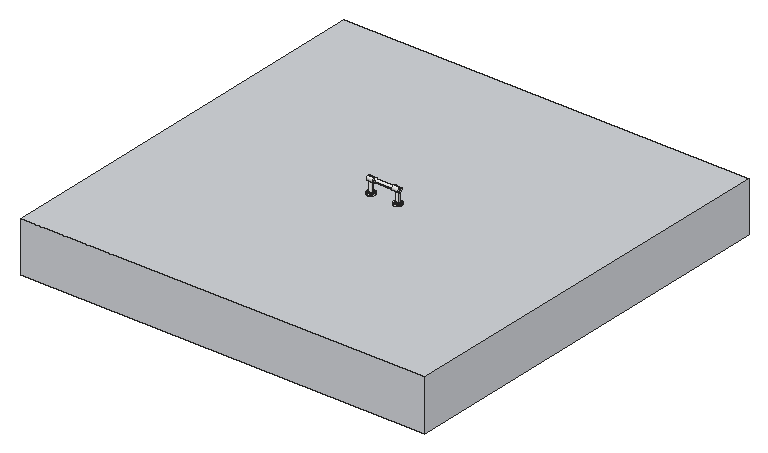
Revit family
Parameters (values of type "Metal-CP-Polished_Chrome")
  Width [instance] = 0' - 8.18898"
  URL = "http://www.us.kohler.com"
  Product Page URL = "http://www.us.kohler.com/onlinecatalog/detail.jsp?prod_num=14377"
  Product Documentation Link = "http://www.us.kohler.com/onlinecatalog/pdf/1156289_4.pdf"
  Model = "K-14377"  # constant formula
  Manufacturer = "Kohler"  # constant formula
  Length [instance] = 0' - 3 5/8"
  Height [instance] = 0' - 1 7/8"
  Finish = Metal-Kohler-CP-Polished Chrome
  Description = "Purist pivoting toilet tissue holder"  # constant formula
  Default Elevation = 0' - 0"
  Created By = "http://medialab3dstudio.com"
  Assembly Code = "C1030200"
Types (8): name | Finish
  (no name) | Metal-Kohler-CP-Polished Chrome
  Metal-AF-Vibrant_French_Gold | Metal-Kohler-AF-Vibrant French Gold
  Metal-BGD-Vibrant_Moderne_Brushed_Gold | Metal-Kohler-BGD-Vibrant Moderne Brushed Gold
  Metal-BN-Vibrant_Brushed_Nickel | Metal-Kohler-BN-Vibrant Brushed Nickel
  Metal-BV-Vibrant_Brushed_Bronze | Metal-Kohler-BV-Vibrant Brushed Bronze
  Metal-CP-Polished_Chrome | Metal-Kohler-CP-Polished Chrome
  Metal-PGD-Vibrant_Moderne_Polished_Gold | Metal-Kohler-PGD-Vibrant Moderne Polished Gold
  Metal-SN-Vibrant_Polished_Nickel | Metal-Kohler-SN-Vibrant Polished Nickel
Reference planes (in)
  plane 1 "Center (Front/Back)": y = 0
  plane 2 "Back": z = 0
  plane 3 "Center (Left/Right)": x = 0
  plane 4 "Left": x = -4.09449
  plane 5 "Right": x = 4.09449
  plane 6 "Top": y = 0.9375
  plane 7 "Bottom": y = -0.9375
  plane 8 "Front": z = 3.625
Forms (in)
  Extrusion 1, solid
    sketch origin (0, 0, 0) x (1, 0, 0) y (0, 1, 0)
      loop
        line (-48, 48) -> (-48, -48) -> (48, -48) -> (48, 48) -> (-48, 48)
    from 0 to -12
Dimensions and locks (in)
  equal spacing: plane 4 "Left", plane 3 "Center (Left/Right)", plane 5 "Right", locked at 4.09449 each
  "Width": plane 4 "Left" to plane 5 "Right"
  equal spacing: plane 6 "Top", plane 1 "Center (Front/Back)", plane 7 "Bottom", locked at 0.9375 each
  "Height": plane 6 "Top" to plane 7 "Bottom"
  "Length": plane 8 "Front" to plane 2 "Back"
  aligned and locked: plane 2 "Back" to Extrusion 1
  aligned and locked: level to Extrusion 1
Automatic sketch dimensions
  Extrusion 1 sketch curve to Extrusion 1 sketch curve = 8' - 0"  (x2)
Nested families (in)
  nested 1: "14377-Base" at (0, 0, 0), type "14377-Base"
Definition of nested family "14377-Base"
  Parameters (values of type "14377-Base")
    Finish = Metal-Kohler-CP-Polished Chrome
    Assembly Code = ""
  Reference planes (in)
    plane 1 "Center (Front/Back)": y = 0
    plane 2 "Back": z = 0
    plane 3 "Center (Left/Right)": x = 0
    plane 4 "Left": x = -4.09449
    plane 5 "Right": x = 4.09449
    plane 6 "Top": y = 0.94431
    plane 7 "Bottom": y = -0.94431
    plane 8 "Front": z = 3.62205
    plane 9 "Center": z = 1.81102
  Forms (in)
    Revolve 1, solid, material "Metal-Kohler-CP-Polished Chrome" <- "Finish", detail levels fine
      sketch origin (0, 0, 0) x (1, 0, 0) y (0, 0, 1)
        loop
          line (-3.14961, 0) -> (-3.14961, 3.25592)
          arc (-3.14961, 3.25592) -> (-3.28526, 3.17841) -> (-3.2874, 3.02219) r 0.15749
          line (-3.2874, 3.02219) -> (-3.2874, 2.83825) -> (-3.46498, 2.83825)
          arc (-3.46498, 2.83825) -> (-3.49231, 2.82693) -> (-3.50363, 2.7996) r 0.03865
          line (-3.50363, 2.7996) -> (-3.50363, 0.5496) -> (-3.52128, 0.49882)
          arc (-3.52128, 0.49882) -> (-3.55902, 0.39889) -> (-3.63546, 0.32426) r 0.24679
          arc (-3.63546, 0.32426) -> (-3.69612, 0.29175) -> (-3.76041, 0.26717) r 0.54387
          arc (-3.76041, 0.26717) -> (-3.9147, 0.24074) -> (-4.07054, 0.2556) r 0.59315
          arc (-4.07054, 0.2556) -> (-4.08714, 0.25162) -> (-4.09449, 0.23622) r 0.01982
          line (-4.09449, 0.23622) -> (-4.09449, 0) -> (-3.14961, 0)
        axis (-3.14961, 0) -> (-3.14961, 3.25592)
      angle from 0 to 360
    Revolve 2, solid, material "Metal-Kohler-CP-Polished Chrome" <- "Finish", detail levels fine
      sketch origin (6.29922, 0, 0) x (1, 0, 0) y (0, 0, 1)
        loop
          line (-3.14961, 0) -> (-3.14961, 3.11939) -> (-3.50363, 3.11939) -> (-3.50363, 0.5496) -> (-3.52128, 0.49882)
          arc (-3.52128, 0.49882) -> (-3.55902, 0.39889) -> (-3.63546, 0.32426) r 0.24679
          arc (-3.63546, 0.32426) -> (-3.69612, 0.29175) -> (-3.76041, 0.26717) r 0.54387
          arc (-3.76041, 0.26717) -> (-3.9147, 0.24074) -> (-4.07054, 0.2556) r 0.59315
          arc (-4.07054, 0.2556) -> (-4.08714, 0.25162) -> (-4.09449, 0.23622) r 0.01982
          line (-4.09449, 0.23622) -> (-4.09449, 0) -> (-3.14961, 0)
        axis (-3.14961, 0) -> (-3.14961, 3.11939)
      angle from 0 to 360
    Revolve 3, solid, material "Metal-Kohler-CP-Polished Chrome" <- "Finish", detail levels fine
      sketch origin (0, 0, 0) x (1, 0, 0) y (0, 0, 1)
        loop
          line (2.28346, 3.12205) -> (3.64129, 3.12205)
          arc (3.64129, 3.12205) -> (3.65669, 3.35815) -> (3.70079, 3.59062) r 1.93532
          line (3.70079, 3.59062) -> (3.70079, 3.62205) -> (2.24404, 3.62205) -> (2.24404, 3.51895) -> (2.28346, 3.49619) -> (2.28346, 3.12205)
        axis (2.24404, 3.12205) -> (3.70079, 3.12205)
      angle from 0 to 360
    Revolve 4, solid, material "Metal-Kohler-CP-Polished Chrome" <- "Finish", detail levels fine
      sketch origin (-0.05886, 0, 0) x (-1, 0, 0) y (0, 0, 1)
        loop
          line (2.28346, 3.12205) -> (3.64129, 3.12205)
          arc (3.64129, 3.12205) -> (3.65669, 3.35815) -> (3.70079, 3.59062) r 1.93532
          line (3.70079, 3.59062) -> (3.70079, 3.62205) -> (2.24404, 3.62205) -> (2.24404, 3.51895) -> (2.28346, 3.49619) -> (2.28346, 3.12205)
        axis (2.24404, 3.12205) -> (3.70079, 3.12205)
      angle from 0 to 360
    Extrusion 5, void
      sketch origin (0, 0, 0) x (1, 0, 0) y (0, 0, 1)
        loop
          line (-2.77364, 2.86614) -> (-2.97218, 2.86614) -> (-2.97218, 3.01865)
          arc (-2.97218, 3.01865) -> (-3.14947, 3.31889) -> (-3.32675, 3.01865) r 0.20246
          line (-3.32675, 3.01865) -> (-3.32675, 2.86614) -> (-3.52364, 2.86614) -> (-3.52364, 2.52108) -> (-2.77364, 2.52108) -> (-2.77364, 2.86614)
      from -0.59248 to 0.16888
    Extrusion 6, solid, material "Metal-Kohler-CP-Polished Chrome" <- "Finish", detail levels fine
      sketch origin (0, 0, 0) x (0, 1, 0) y (0, 0, 1)
        loop
          circle (0, 3.12205) r 0.39675
      from -2.34232 to 2.28346
    Extrusion 7, solid, material "Metal-Kohler-CP-Polished Chrome" <- "Finish", detail levels coarse+medium
      sketch origin (0, 0, 0) x (1, 0, 0) y (0, 1, 0)
        loop
          line (-4.09449, 0.94431) -> (-4.09449, -0.94431) -> (4.09449, -0.94431) -> (4.09449, 0.94431) -> (-4.09449, 0.94431)
      from 0 to 3.62205
  Cuts and joins
    joined: Revolve 2, Revolve 3
    Extrusion 5 cuts Revolve 4
    joined: Revolve 1, Revolve 4
  Lines and regions (in)
    Masking region 1, detail levels coarse
      outline origin (0, 0, 0) x (1, 0, 0) y (0, 1, 0)
        loop
          line (-4.09449, 0.94431) -> (-4.09449, -0.94431) -> (4.09449, -0.94431) -> (4.09449, 0.94431) -> (-4.09449, 0.94431)
    Masking region 2, detail levels medium+fine
      outline origin (0, 0, 1.81102) x (-1, 0, 0) y (0, -1, 0)
        loop
          line (2.34786, 0.5) -> (2.3029, 0.5) -> (2.3029, 0.3968) -> (-2.24404, 0.3968) -> (-2.24404, 0.5) -> (-2.34786, 0.5)
          arc (-2.34786, 0.5) -> (-4.09449, 0) -> (-2.34786, -0.5) r 0.94488
          line (-2.34786, -0.5) -> (-2.24404, -0.5) -> (-2.24404, -0.39673) -> (2.3029, -0.39673) -> (2.3029, -0.5) -> (2.34786, -0.5)
          arc (2.34786, -0.5) -> (4.09449, 0) -> (2.34786, 0.5) r 0.94488
    Masking region 3, detail levels coarse
      outline origin (0, 0, 0) x (1, 0, 0) y (0, 0, 1)
        loop
          line (4.09449, 3.62205) -> (-4.09449, 3.62205) -> (-4.09449, 0) -> (4.09449, 0) -> (4.09449, 3.62205)
    Masking region 4
      outline origin (0, 0, 0) x (1, 0, 0) y (0, 0, 1)
        loop
          line (2.7956, 0.5496) -> (2.77795, 0.49882)
          arc (2.77795, 0.49882) -> (2.74021, 0.39889) -> (2.66377, 0.32426) r 0.24679
          arc (2.66377, 0.32426) -> (2.6031, 0.29175) -> (2.53882, 0.26717) r 0.54387
          arc (2.53882, 0.26717) -> (2.38452, 0.24074) -> (2.22868, 0.2556) r 0.59315
          arc (2.22868, 0.2556) -> (2.21209, 0.25162) -> (2.20474, 0.23622) r 0.01982
          line (2.20474, 0.23622) -> (2.20474, 0) -> (4.0945, 0) -> (4.0945, 0.23622)
          arc (4.0945, 0.23622) -> (4.08715, 0.25162) -> (4.07055, 0.2556) r 0.01982
          arc (4.07055, 0.2556) -> (3.91471, 0.24074) -> (3.76042, 0.26717) r 0.59315
          arc (3.76042, 0.26717) -> (3.69613, 0.29175) -> (3.63547, 0.32426) r 0.54387
          arc (3.63547, 0.32426) -> (3.55903, 0.39889) -> (3.52129, 0.49882) r 0.24679
          line (3.52129, 0.49882) -> (3.50364, 0.5496) -> (3.50364, 2.62205) -> (3.70079, 2.62205) -> (3.70079, 3.62205) -> (2.24404, 3.62205) -> (2.24404, 3.51895) -> (-2.3029, 3.51895) -> (-2.3029, 3.62205) -> (-3.75965, 3.62205) -> (-3.75965, 2.62205) -> (-3.50363, 2.62205) -> (-3.50363, 0.5496) -> (-3.52128, 0.49882)
          arc (-3.52128, 0.49882) -> (-3.55902, 0.39889) -> (-3.63546, 0.32426) r 0.24679
          arc (-3.63546, 0.32426) -> (-3.69612, 0.29175) -> (-3.76041, 0.26717) r 0.54387
          arc (-3.76041, 0.26717) -> (-3.9147, 0.24074) -> (-4.07054, 0.2556) r 0.59315
          arc (-4.07054, 0.2556) -> (-4.08714, 0.25162) -> (-4.09449, 0.23622) r 0.01982
          line (-4.09449, 0.23622) -> (-4.09449, 0) -> (-2.20472, 0) -> (-2.20472, 0.23622)
          arc (-2.20472, 0.23622) -> (-2.21207, 0.25162) -> (-2.22867, 0.2556) r 0.01982
          arc (-2.22867, 0.2556) -> (-2.38451, 0.24074) -> (-2.53881, 0.26717) r 0.59315
          arc (-2.53881, 0.26717) -> (-2.60309, 0.29175) -> (-2.66376, 0.32426) r 0.54387
          arc (-2.66376, 0.32426) -> (-2.74019, 0.39889) -> (-2.77794, 0.49882) r 0.24679
          line (-2.77794, 0.49882) -> (-2.79558, 0.5496) -> (-2.79558, 2.62205) -> (-2.3029, 2.62205) -> (-2.3029, 2.72515) -> (2.24404, 2.72515) -> (2.24404, 2.62205) -> (2.7956, 2.62205) -> (2.7956, 0.5496)
    Masking region 5, detail levels coarse
      outline origin (0, 0, 0) x (0, 1, 0) y (0, 0, 1)
        loop
          line (0.94431, 3.62205) -> (-0.94431, 3.62205) -> (-0.94431, 0) -> (0.94431, 0) -> (0.94431, 3.62205)
    Masking region 6, detail levels medium+fine
      outline origin (0, 0, 0) x (0, 1, 0) y (0, 0, 1)
        loop
          line (-0.35402, 0.5496) -> (-0.37167, 0.49882)
          arc (-0.37167, 0.49882) -> (-0.40941, 0.39889) -> (-0.48585, 0.32426) r 0.24679
          arc (-0.48585, 0.32426) -> (-0.54651, 0.29175) -> (-0.6108, 0.26717) r 0.54387
          arc (-0.6108, 0.26717) -> (-0.63203, 0.26099) -> (-0.65348, 0.2556) r 0.59315
          line (-0.65348, 0.2556) -> (-0.92093, 0.2556)
          arc (-0.92093, 0.2556) -> (-0.93753, 0.25162) -> (-0.94488, 0.23622) r 0.01982
          line (-0.94488, 0.23622) -> (-0.94488, 0) -> (0.94488, 0) -> (0.94488, 0.23622)
          arc (0.94488, 0.23622) -> (0.93753, 0.25162) -> (0.92093, 0.2556) r 0.01982
          line (0.92093, 0.2556) -> (0.65348, 0.2556)
          arc (0.65348, 0.2556) -> (0.63203, 0.26099) -> (0.6108, 0.26717) r 0.59315
          arc (0.6108, 0.26717) -> (0.54651, 0.29175) -> (0.48585, 0.32426) r 0.54387
          arc (0.48585, 0.32426) -> (0.40941, 0.39889) -> (0.37167, 0.49882) r 0.24679
          line (0.37167, 0.49882) -> (0.35402, 0.5496) -> (0.35402, 2.76896)
          arc (0.35402, 2.76896) -> (0.46181, 3.3137) -> (0, 3.62205) r 0.5
          arc (0, 3.62205) -> (-0.46181, 3.3137) -> (-0.35402, 2.76896) r 0.5
          line (-0.35402, 2.76896) -> (-0.35402, 0.5496)
    symbolic lines, style "Masking Lines", detail levels fine
      curve 1: line (-2.97218, 0.48919, 3.62205) -> (-3.32675, 0.48919, 3.62205)
      curve 2: line (-2.3029, 0.5, 3.62205) -> (-2.94676, 0.5, 3.62205)
      curve 3: line (-3.75965, 0.5, 3.62205) -> (-3.35234, 0.5, 3.62205)
      curve 4: line (-3.75965, 0.5, 3.62205) -> (-3.75965, -0.5, 3.62205)
      curve 5: line (-3.75965, -0.5, 3.62205) -> (-2.3029, -0.5, 3.62205)
      curve 6: line (2.24404, 0.5, 3.62205) -> (3.70079, 0.5, 3.62205)
      curve 7: line (3.70079, 0.5, 3.62205) -> (3.70079, -0.5, 3.62205)
      curve 8: line (3.70079, -0.5, 3.62205) -> (2.24404, -0.5, 3.62205)
      curve 9: line (2.24404, -0.5, 3.62205) -> (2.24404, 0.5, 3.62205)
      curve 10: line (-2.3029, 0.5, 3.62205) -> (-2.3029, -0.5, 3.62205)
      curve 11: line (2.7956, 0, 2.62205) -> (3.50364, 0, 2.62205)
      curve 12: line (2.24404, 0, 3.62205) -> (2.24404, 0, 2.62205)
      curve 13: line (-2.3029, 0, 3.62205) -> (-2.3029, 0, 2.62205)
      curve 14: line (-2.77364, 0, 2.62205) -> (-2.77364, 0, 2.86614)
      curve 15: line (-2.77364, 0, 2.86614) -> (-2.97218, 0, 2.86614)
      curve 16: line (-2.97218, 0, 2.86614) -> (-2.97218, 0, 3.01865)
      curve 17: arc (-2.97218, 0, 3.01865) -> (-3.14947, 0, 3.31889) -> (-3.32675, 0, 3.01865) r 0.20246
      curve 18: line (-3.32675, 0, 3.01865) -> (-3.32675, 0, 2.86614)
      curve 19: line (-3.32675, 0, 2.86614) -> (-3.52364, 0, 2.86614)
      curve 20: line (-3.52364, 0, 2.86614) -> (-3.52364, 0, 2.62205)
      curve 21: line (-2.79631, 0, 2.64988) -> (-2.79631, 0, 2.80013)
      curve 22: arc (-2.79631, 0, 2.80013) -> (-2.80762, 0, 2.82744) -> (-2.83493, 0, 2.83875) r 0.03862
      curve 23: line (-2.83493, 0, 2.83875) -> (-3.01183, 0, 2.83875)
      curve 24: line (-3.01183, 0, 2.83875) -> (-3.01183, 0, 3.02221)
      curve 25: arc (-3.01183, 0, 3.02221) -> (-3.14986, 0, 3.25668) -> (-3.2879, 0, 3.02221) r 0.15787
      curve 26: line (-3.2879, 0, 3.02221) -> (-3.2879, 0, 2.83845)
      curve 27: line (-3.2879, 0, 2.83845) -> (-3.46406, 0, 2.83845)
      curve 28: arc (-3.46406, 0, 2.83845) -> (-3.49201, 0, 2.82688) -> (-3.50358, 0, 2.79893) r 0.03952
      curve 29: line (-3.50358, 0, 2.79893) -> (-3.50358, 0, 2.62205)
      curve 30: line (-3.01183, 0, 2.83875) -> (-3.2879, 0, 2.83845)
      curve 31: line (-3.01183, 0, 3.02221) -> (-3.2879, 0, 3.02221)
      curve 32: line (4.07055, 0, 0.2556) -> (2.22868, 0, 0.2556)
      curve 33: line (-2.22867, 0, 0.2556) -> (-4.07054, 0, 0.2556)
      curve 34: arc (0, 0, 3.62205) -> (0, 0.5, 3.12205) -> (0, 0, 2.62205) r 0.5
      curve 35: arc (0, 0, 2.62205) -> (0, -0.5, 3.12205) -> (0, 0, 3.62205) r 0.5
      curve 36: arc (0, 0, 2.65348) -> (0, -0.46857, 3.12205) -> (0, 0, 3.59062) r 0.46857
      curve 37: arc (0, 0, 3.59062) -> (0, 0.46857, 3.12205) -> (0, 0, 2.65348) r 0.46857
      curve 38: line (0, 0.92093, 0.2556) -> (0, -0.92093, 0.2556)
      curve 39: arc (-2.34786, 0.5, 0) -> (-2.20472, 0, 0) -> (-2.34786, -0.5, 0) r 0.94488
      curve 40: arc (2.34786, 0.5, 0) -> (2.20472, 0, 0) -> (2.34786, -0.5, 0) r 0.94488
  Dimensions and locks (in)
    equal spacing: plane 4 "Left", plane 3 "Center (Left/Right)", plane 5 "Right"
    equal spacing: plane 6 "Top", plane 1 "Center (Front/Back)", plane 7 "Bottom"
    plane 4 "Left" to plane 5 "Right" = 0' - 8.18898"
    plane 6 "Top" to plane 7 "Bottom" = 0' - 1.88862"
    plane 8 "Front" to plane 2 "Back" = 0' - 3.62205"
    aligned and locked: plane 2 "Back" to level
  Automatic sketch dimensions
    Revolve 2 sketch curve to level = 0' - 0"  (x2)
    level to Revolve 2 sketch curve = 0' - 0.23622"
    plane 5 "Right" to Revolve 2 sketch curve = 0' - 1.88975"
    Revolve 2 sketch curve to Revolve 2 sketch curve = 0' - 0.01982"
    Revolve 2 sketch curve to Revolve 2 sketch curve = 0' - 0.00413"
    Revolve 2 sketch curve to Revolve 2 sketch curve = 0' - 0.13373"
    Revolve 2 sketch curve to Revolve 2 sketch curve = 0' - 0.01466"
    Revolve 2 sketch curve to Revolve 2 sketch curve = 0' - 0.1566"
    Revolve 2 sketch curve to Revolve 2 sketch curve = 0' - 0.00515"
    Revolve 2 sketch curve to Revolve 2 sketch curve = 0' - 0"  (x3)
    Revolve 2 sketch curve to Revolve 2 sketch curve = 0' - 0.12495"
    Revolve 2 sketch curve to Revolve 2 sketch curve = 0' - 0.11418"
    level to Revolve 2 sketch curve = 0' - 0.5496"
    Revolve 2 sketch curve to Revolve 2 sketch curve = 0' - 0.01765"
    Revolve 2 sketch curve to Revolve 2 sketch curve = 0' - 0.48585"
    level to Revolve 2 sketch curve = 0' - 0.26717"
    Revolve 2 sketch curve to plane 8 "Front" = 0' - 0.50266"
    plane 8 "Front" to Revolve 2 sketch curve = 0' - 0.62795"
    Revolve 3 sketch curve to plane 8 "Front" = 0' - 0"
    plane 5 "Right" to Revolve 3 sketch curve = 0' - 1.85045"
    Revolve 3 sketch curve to Revolve 3 sketch curve = 0' - 0.03942"
    Revolve 3 sketch curve to Revolve 3 sketch curve = 0' - 0"  (x3)
    plane 5 "Right" to Revolve 3 sketch curve = 0' - 0.4532"
    Revolve 3 sketch curve to Revolve 3 sketch curve = 0' - 0.0595"
    Revolve 3 sketch curve to plane 8 "Front" = 0' - 0.50769"
    Revolve 3 sketch curve to plane 5 "Right" = 0' - 1.48211"
    Revolve 3 sketch curve to plane 8 "Front" = 0' - 0 1/2"
    Revolve 3 sketch curve to plane 8 "Front" = 0' - 0.12586"
    Revolve 3 sketch curve to Revolve 3 sketch curve = 0' - 0.02276"
    Revolve 4 sketch curve to plane 8 "Front" = 0' - 0"
    Revolve 4 sketch curve to plane 4 "Left" = 0' - 1.79159"
    Revolve 4 sketch curve to Revolve 4 sketch curve = 0' - 0.03942"
    Revolve 4 sketch curve to Revolve 4 sketch curve = 0' - 0"  (x3)
    Revolve 4 sketch curve to plane 4 "Left" = 0' - 0.39434"
    Revolve 4 sketch curve to Revolve 4 sketch curve = 0' - 0.0595"
    plane 8 "Front" to Revolve 4 sketch curve = 0' - 0.50769"
    plane 4 "Left" to Revolve 4 sketch curve = 0' - 1.54097"
    plane 8 "Front" to Revolve 4 sketch curve = 0' - 0 1/2"
    plane 8 "Front" to Revolve 4 sketch curve = 0' - 0.12586"
    Revolve 4 sketch curve to Revolve 4 sketch curve = 0' - 0.02276"
    plane 4 "Left" to Extrusion 5 sketch curve = 0' - 0.57085"
    Extrusion 5 sketch curve to Extrusion 5 sketch curve = 0' - 0.19689"
    Extrusion 5 sketch curve to Extrusion 5 sketch curve = 0' - 0.17729"  (x2)
    Extrusion 5 sketch curve to Extrusion 5 sketch curve = 0' - 0.19854"
    Extrusion 5 sketch curve to plane 8 "Front" = 0' - 1.10097"
    Extrusion 5 sketch curve to Extrusion 5 sketch curve = 0' - 0.34506"  (x2)
    Extrusion 5 sketch curve to Extrusion 5 sketch curve = 0' - 0.15251"
    Extrusion 5 sketch curve to Extrusion 5 sketch curve = 0' - 0.09778"
    Revolve 1 sketch curve to level = 0' - 0"
    Revolve 1 sketch curve to plane 4 "Left" = 0' - 0"
    plane 4 "Left" to Revolve 1 sketch curve = 0' - 0.01982"
    Revolve 1 sketch curve to Revolve 1 sketch curve = 0' - 0.00413"
    plane 4 "Left" to Revolve 1 sketch curve = 0' - 0.15768"
    Revolve 1 sketch curve to Revolve 1 sketch curve = 0' - 0.01466"
    Revolve 1 sketch curve to Revolve 1 sketch curve = 0' - 0.1566"
    Revolve 1 sketch curve to Revolve 1 sketch curve = 0' - 0.00515"
    Revolve 1 sketch curve to Revolve 1 sketch curve = 0' - 0"  (x4)
    Revolve 1 sketch curve to Revolve 1 sketch curve = 0' - 0.12495"
    Revolve 1 sketch curve to Revolve 1 sketch curve = 0' - 0.11418"
    Revolve 1 sketch curve to Revolve 1 sketch curve = 0' - 0.01765"
    Revolve 1 sketch curve to Revolve 1 sketch curve = 0' - 0.03865"
    Revolve 1 sketch curve to Revolve 1 sketch curve = 0' - 0.17758"
    Revolve 1 sketch curve to Revolve 1 sketch curve = 0' - 0.48585"
    Revolve 1 sketch curve to Revolve 1 sketch curve = 0' - 0.13781"
    Revolve 1 sketch curve to Revolve 1 sketch curve = 0' - 0.23622"
    level to Revolve 1 sketch curve = 0' - 0.26717"
    Revolve 1 sketch curve to Revolve 1 sketch curve = 0' - 0 13/256"
    Revolve 1 sketch curve to plane 8 "Front" = 0' - 0.82244"
    Revolve 1 sketch curve to Revolve 1 sketch curve = 0' - 0.18393"
    Revolve 1 sketch curve to Revolve 1 sketch curve = 0' - 0.07624"
    plane 8 "Front" to Revolve 1 sketch curve = 0' - 0.81191"
    Extrusion 6 sketch curve to plane 1 "Center (Front/Back)" = 0' - 0"
    Extrusion 6 sketch curve to plane 8 "Front" = 0' - 0 1/2"
    Masking region 1 sketch curve to plane 4 "Left" = 0' - 0"
    Masking region 1 sketch curve to plane 5 "Right" = 0' - 0"
    Masking region 1 sketch curve to plane 7 "Bottom" = 0' - 0"
    plane 6 "Top" to Masking region 1 sketch curve = 0' - 0"
    plane 5 "Right" to curve 8 = 0' - 0.3937"
    plane 7 "Bottom" to curve 8 = 0' - 0.44431"
    curve 7 to curve 8 = 0' - 1.45675"
    plane 7 "Bottom" to curve 5 = 0' - 0.44431"
    plane 4 "Left" to curve 5 = 0' - 1.79159"
    curve 2 to curve 2 = 0' - 0.64386"
    curve 2 to curve 1 = 0' - 0.02542"
    curve 1 to curve 1 = 0' - 0.35457"
    curve 1 to curve 3 = 0' - 0.02559"
    plane 4 "Left" to curve 3 = 0' - 0.33484"
    curve 6 to plane 6 "Top" = 0' - 0.44431"
    curve 10 to plane 6 "Top" = 0' - 0.44431"
    curve 4 to curve 1 = 0' - 0.01081"
    curve 2 to curve 1 = 0' - 0.01081"
    Masking region 3 sketch curve to plane 4 "Left" = 0' - 0"
    Masking region 3 sketch curve to plane 5 "Right" = 0' - 0"
    Masking region 3 sketch curve to level = 0' - 0"
    plane 8 "Front" to Masking region 3 sketch curve = 0' - 0"
    Masking region 4 sketch curve to level = 0' - 0"  (x2)
    Masking region 4 sketch curve to plane 4 "Left" = 0' - 0"
    Masking region 4 sketch curve to plane 8 "Front" = 0' - 0"  (x2)
    plane 4 "Left" to Masking region 4 sketch curve = 0' - 0.01982"
    Masking region 4 sketch curve to Masking region 4 sketch curve = 0' - 0.00413"  (x3)
    plane 4 "Left" to Masking region 4 sketch curve = 0' - 0.15768"
    Masking region 4 sketch curve to Masking region 4 sketch curve = 0' - 0.01466"  (x4)
    Masking region 4 sketch curve to Masking region 4 sketch curve = 0' - 0.1566"  (x3)
    Masking region 4 sketch curve to Masking region 4 sketch curve = 0' - 0.00515"  (x2)
    Masking region 4 sketch curve to Masking region 4 sketch curve = 0' - 0"  (x9)
    plane 4 "Left" to Masking region 4 sketch curve = 0' - 0.33484"
    Masking region 4 sketch curve to Masking region 4 sketch curve = 0' - 0.12495"  (x4)
    Masking region 4 sketch curve to Masking region 4 sketch curve = 0' - 0.11418"  (x4)
    Masking region 4 sketch curve to Masking region 4 sketch curve = 0' - 0.01765"  (x4)
    Masking region 4 sketch curve to Masking region 4 sketch curve = 0' - 0.70804"
    level to Masking region 4 sketch curve = 0' - 0.49882"
    Masking region 4 sketch curve to Masking region 4 sketch curve = 0' - 0.1301"
    Masking region 4 sketch curve to Masking region 4 sketch curve = 0' - 0.49268"  (x2)
    Masking region 4 sketch curve to Masking region 4 sketch curve = 0' - 0.31013"
    Masking region 4 sketch curve to Masking region 4 sketch curve = 0' - 0.01982"  (x2)
    plane 5 "Right" to Masking region 4 sketch curve = 0' - 1.88975"
    Masking region 4 sketch curve to plane 8 "Front" = 0' - 0.8969"
    plane 5 "Right" to Masking region 4 sketch curve = 0' - 1.85045"
    Masking region 4 sketch curve to plane 8 "Front" = 0' - 0.1031"
    Masking region 4 sketch curve to Masking region 4 sketch curve = 0' - 0.13373"
    plane 5 "Right" to Masking region 4 sketch curve = 0' - 0.59085"
    plane 5 "Right" to Masking region 4 sketch curve = 0' - 0.3937"
    Masking region 4 sketch curve to Masking region 4 sketch curve = 0' - 0.24428"
    plane 5 "Right" to Masking region 4 sketch curve = 0' - 0.17232"
    plane 5 "Right" to Masking region 4 sketch curve = 0' - 0.02394"
    plane 5 "Right" to Masking region 4 sketch curve = 0' - 0.01981"
    Masking region 4 sketch curve to plane 5 "Right" = 0' - 0"
    Masking region 4 sketch curve to Masking region 4 sketch curve = 0' - 0.23622"  (x4)
    level to Masking region 4 sketch curve = 0' - 0.26717"  (x3)
    Masking region 4 sketch curve to Masking region 4 sketch curve = 0' - 0 13/256"  (x4)
    Masking region 4 sketch curve to plane 8 "Front" = 0' - 1"  (x2)
    Masking region 4 sketch curve to Masking region 4 sketch curve = 0' - 0.1031"  (x2)
    curve 13 to plane 8 "Front" = 0' - 0"
    curve 12 to plane 8 "Front" = 0' - 0"
    plane 4 "Left" to curve 20 = 0' - 0.57085"
    curve 19 to curve 28 = 0' - 0.02006"
    curve 28 to curve 28 = 0' - 0.03952"
    curve 27 to curve 18 = 0' - 0.13731"
    curve 18 to curve 30 = 0' - 0.03885"
    curve 26 to curve 25 = 0' - 0.13804"
    curve 25 to curve 17 = 0' - 0.0004"
    curve 23 to curve 15 = 0' - 0.03965"
    curve 15 to curve 22 = 0' - 0.13725"
    curve 22 to curve 21 = 0' - 0.03862"
    curve 23 to curve 14 = 0' - 0.06129"
    curve 14 to curve 13 = 0' - 0.47074"
    plane 5 "Right" to curve 12 = 0' - 1.85045"
    curve 12 to curve 11 = 0' - 0.55155"
    plane 5 "Right" to curve 11 = 0' - 0.59085"
    curve 17 to plane 8 "Front" = 0' - 0.50562"
    curve 25 to curve 17 = 0' - 0.01762"
    curve 25 to curve 25 = 0' - 0.0766"
    curve 17 to curve 24 = 0' - 0.00356"
    curve 19 to curve 18 = 0' - 0.15251"
    curve 14 to curve 17 = 0' - 0.15251"
    curve 22 to curve 14 = 0' - 0.02739"
    curve 26 to curve 18 = 0' - 0.02769"
    curve 21 to curve 21 = 0' - 0.15025"
    curve 14 to curve 21 = 0' - 0.02784"
    curve 13 to curve 14 = 0' - 0"
    curve 20 to curve 29 = 0' - 0.17688"
    curve 12 to plane 8 "Front" = 0' - 1"
    curve 29 to curve 20 = 0' - 0"
    curve 11 to plane 8 "Front" = 0' - 1"
    Masking region 5 sketch curve to plane 7 "Bottom" = 0' - 0"
    plane 6 "Top" to Masking region 5 sketch curve = 0' - 0"
    Masking region 5 sketch curve to level = 0' - 0"
    plane 8 "Front" to Masking region 5 sketch curve = 0' - 0"
    curve 34 to curve 35 = 0' - 0"  (x2)
    curve 34 to curve 36 = 0' - 0"  (x2)
    curve 34 to curve 37 = 0' - 0"  (x2)
    curve 35 to curve 36 = 0' - 0"  (x2)
    curve 35 to curve 37 = 0' - 0"  (x2)
    curve 36 to curve 37 = 0' - 0"  (x2)
    curve 34 to plane 1 "Center (Front/Back)" = 0' - 0"
    curve 34 to plane 8 "Front" = 0' - 0"
    plane 7 "Bottom" to curve 38 = 0' - 0.02338"
    curve 38 to plane 6 "Top" = 0' - 0.02338"
    curve 36 to plane 8 "Front" = 0' - 0.03143"
    curve 36 to curve 36 = 0' - 0.46857"
    level to curve 38 = 0' - 0.2556"
    Masking region 6 sketch curve to Masking region 6 sketch curve = 0' - 0"  (x5)
    Masking region 6 sketch curve to level = 0' - 0"  (x2)
    Masking region 6 sketch curve to plane 1 "Center (Front/Back)" = 0' - 0"
    Masking region 6 sketch curve to plane 8 "Front" = 0' - 0"
    plane 1 "Center (Front/Back)" to Masking region 6 sketch curve = 0' - 0.35402"
    Masking region 6 sketch curve to Masking region 6 sketch curve = 0' - 0.01765"  (x2)
    Masking region 6 sketch curve to Masking region 6 sketch curve = 0' - 0.11418"  (x2)
    Masking region 6 sketch curve to Masking region 6 sketch curve = 0' - 0.12495"  (x2)
    Masking region 6 sketch curve to Masking region 6 sketch curve = 0' - 0.1301"  (x2)
    Masking region 6 sketch curve to Masking region 6 sketch curve = 0' - 0.04268"  (x2)
    plane 7 "Bottom" to Masking region 6 sketch curve = 0' - 0.17176"
    Masking region 6 sketch curve to Masking region 6 sketch curve = 0' - 0.01466"  (x2)
    plane 7 "Bottom" to Masking region 6 sketch curve = 0' - 0.02338"
    plane 7 "Bottom" to Masking region 6 sketch curve = 0' - 0.01925"
    Masking region 6 sketch curve to plane 7 "Bottom" = 0' - 0.00057"
    Masking region 6 sketch curve to plane 1 "Center (Front/Back)" = 0' - 0.35402"
    Masking region 6 sketch curve to plane 6 "Top" = 0' - 0.17176"
    Masking region 6 sketch curve to plane 6 "Top" = 0' - 0.02338"
    Masking region 6 sketch curve to plane 6 "Top" = 0' - 0.01925"
    plane 6 "Top" to Masking region 6 sketch curve = 0' - 0.00057"
    Masking region 6 sketch curve to Masking region 6 sketch curve = 0' - 0.23622"  (x2)
    Masking region 6 sketch curve to Masking region 6 sketch curve = 0' - 0.01157"  (x2)
    Masking region 6 sketch curve to Masking region 6 sketch curve = 0' - 0 13/256"  (x2)
    Masking region 6 sketch curve to plane 8 "Front" = 0' - 0.85308"
    Extrusion 7 sketch curve to plane 4 "Left" = 0' - 0"
    Extrusion 7 sketch curve to plane 5 "Right" = 0' - 0"
    Extrusion 7 sketch curve to plane 7 "Bottom" = 0' - 0"
    plane 6 "Top" to Extrusion 7 sketch curve = 0' - 0"
    plane 1 "Center (Front/Back)" to Masking region 2 sketch curve = 0' - 0"  (x2)
    plane 5 "Right" to Masking region 2 sketch curve = 0' - 0.94488"
    Masking region 2 sketch curve to plane 6 "Top" = 0' - 0.44431"
    Masking region 2 sketch curve to Masking region 2 sketch curve = 0' - 0.80175"
    plane 7 "Bottom" to Masking region 2 sketch curve = 0' - 0.44431"
    Masking region 2 sketch curve to Masking region 2 sketch curve = 0' - 0.10382"  (x2)
    Masking region 2 sketch curve to plane 1 "Center (Front/Back)" = 0' - 0.39673"
    plane 4 "Left" to Masking region 2 sketch curve = 0' - 1.79159"
    Masking region 2 sketch curve to Masking region 2 sketch curve = 0' - 0"
    Masking region 2 sketch curve to Masking region 2 sketch curve = 0' - 0.04496"  (x2)
    Masking region 2 sketch curve to Masking region 2 sketch curve = 0' - 0.84671"
    Masking region 2 sketch curve to Masking region 2 sketch curve = 0' - 0.10327"
    Masking region 2 sketch curve to Masking region 2 sketch curve = 0' - 0.1032"
    plane 1 "Center (Front/Back)" to curve 39 = 0' - 0"
    plane 1 "Center (Front/Back)" to curve 40 = 0' - 0"
    plane 4 "Left" to curve 39 = 0' - 0.94488"
    plane 7 "Bottom" to curve 39 = 0' - 0.44431"
    curve 39 to curve 39 = 0' - 0.80175"
    curve 39 to plane 6 "Top" = 0' - 0.44431"
    curve 40 to plane 6 "Top" = 0' - 0.44431"
    plane 5 "Right" to curve 40 = 0' - 1.74663"
    plane 7 "Bottom" to curve 40 = 0' - 0.44431"
    plane 5 "Right" to curve 40 = 0' - 0.94488"
    radius of Extrusion 6 sketch curve = 0' - 0.39675"
